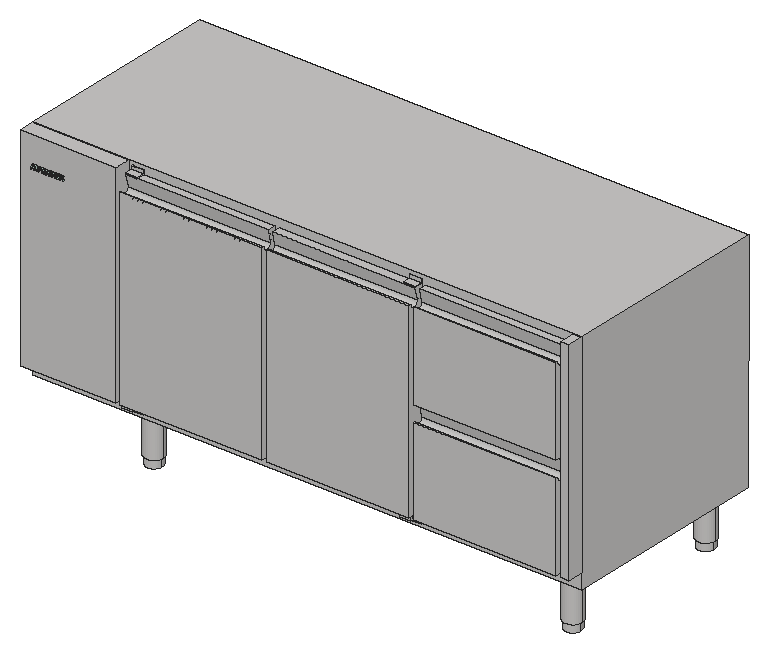
Revit family "QF_ALPENINOX_721049_AK3R7AAB", category Attrezzature speciali, Revit 2018
Family settings
  Quota connettore circolare = Usa diametro
  Tipo di parte = Normale
  Basato su piano di lavoro = No
  Sempre verticale = Sì
  Taglio con vuoti quando caricato = No
  Condiviso = No
  Punto di calcolo locali = No
Parameters (values of type "Standard")
  Weight = 112.00 kg
  Watts = 220 W
  Volts = 220 V
  URL Manufacturer = "http://www.alpeninox.com"
  URL = "http://www.alpeninox.com"
  Steam Supply Size = 0 mm
  Steam Supply Minimum Pressure = 0.0 Pa
  Steam Supply Maximum Pressure = 0.0 Pa
  Steam Consumption per Hour = 0
  Refrigeration Suction Line Size = 0 mm
  Refrigeration Liquid Line Size = 0 mm
  Refrigerant Compressor Remote = yes
  Produttore = "Alpeninox"
  Phase = 1
  Modello = "AK3R7AAB"
  Length Actual = 1695 mm  # constant formula
  Item Number = "721049"
  Hot Water Size = 0 mm
  Height Actual = 850 mm  # constant formula
  HP = "0.3 HP"
  Gas Size = 0 mm
  Gas KW = 0
  Gas Input Pressure = 0 W
  Direct Waste Size = 0 mm
  Descrizione = "2-DOOR AND 2X1/2-DRAWER REFRIGERATED COUNTER, -2+10°C, FULL AISI 304 (R290), WITHOUT WORK TOP"
  Depth Actual = 700 mm  # constant formula
  Cycle = 50 Hz
  Condensate Return Size = 0 mm
  Compressed Air Volume = 0.0 L/s
  Compressed Air Size = 0 mm
  Compressed Air Pressure = 0.0 Pa
  Cold Water Size = 0 mm
  Accessory = yes
Values of the unnamed type that differ from the named types
  Weight = 0.00 kg
  Watts = 0 W
  Volts = 0 V
  URL Manufacturer = ""
  Item Number = ""
  HP = ""
  Cycle = 0 Hz
Reference planes
  plane 1: z = 0
  plane 2 "Center (Left/Right)": x = -126.5
  plane 3 "Center (Front/Back)": y = 64.5
  plane 4 "FEET": z = 150
  plane 5 "TOP": z = 900
  plane 6 "PLAIN": z = 850
  plane 7 "EI_back": y = 103
  plane 8 "EI_left": x = -913
  plane 9 "BACK": y = 412
  plane 10 "FRONT": y = -283
  plane 11 "DOOR": y = -233
  plane 12 "LEFT": x = -974
  plane 13 "RIGHT": x = 721
  plane 14: x = -949
  plane 15: x = 696
Forms (mm)
  Extrusion 1, solid, material "QF_Finishes_Stainless Steel"
    sketch origin (-1022.223, -1524, 150) x (-1, 0, 0) y (0, -1, 0)
      loop
        circle (-109.223, -1627) r 5
    from 0 to -40
  Extrusion 2, solid, material "QF_Finishes_Stainless Steel"
    sketch origin (-1022.223, -1524, 150) x (-1, 0, 0) y (0, -1, 0)
      loop
        line (-1718.223, -1291) -> (-1718.223, -1241) -> (-1743.223, -1241) -> (-1743.223, -1291) -> (-1718.223, -1291)
    from 48 to 700
  Extrusion 3, solid, material "QF_Finishes_Stainless Steel"
    sketch origin (-1022.223, -1524, 150) x (-1, 0, 0) y (0, -1, 0)
      loop
        line (-48.223, -1936) -> (-48.223, -1291) -> (-1743.223, -1291) -> (-1743.223, -1936) -> (-48.223, -1936)
    from 0 to 700
Lines and regions (mm)
  symbolic lines, style "SpecialityEquipmentHiddenLines"
    curve 1: line (-974, 412, 150) -> (721, 412, 150)
    curve 2: line (-974, -283, 150) -> (-974, 412, 150)
    curve 3: line (721, -283, 150) -> (-974, -283, 150)
    curve 4: line (721, 412, 150) -> (721, -283, 150)
    curve 5: line (-974, -233, 150) -> (721, -233, 150)
    curve 6: line (696, -283, 150) -> (696, -233, 150)
Dimensions and locks
  plane 4 "FEET" to level = 150 mm
  plane 11 "DOOR" to plane 10 "FRONT" = 50 mm
  plane 6 "PLAIN" to plane 4 "FEET" = 700 mm
  plane 5 "TOP" to plane 6 "PLAIN" = 50 mm
  plane 12 "LEFT" to plane 14 = 25 mm
  plane 15 to plane 13 "RIGHT" = 25 mm
  plane 9 "BACK" to plane 7 "EI_back" = 309 mm
  plane 12 "LEFT" to plane 8 "EI_left" = 61 mm
  plane 12 "LEFT" to plane 13 "RIGHT" = 1695 mm
  equal spacing: plane 12 "LEFT", plane 2 "Center (Left/Right)", plane 13 "RIGHT"
  plane 9 "BACK" to plane 10 "FRONT" = 695 mm
  equal spacing: plane 9 "BACK", plane 3 "Center (Front/Back)", plane 10 "FRONT"
  aligned and locked: level to plane 1
  aligned and locked: plane 13 "RIGHT" to Extrusion 2
  aligned and locked: Extrusion 2 to plane 15
Automatic sketch dimensions
  Extrusion 1 sketch curve to plane 7 "EI_back" = 0 mm
  Extrusion 1 sketch curve to plane 8 "EI_left" = 0 mm
  Extrusion 2 sketch curve to plane 11 "DOOR" = 0 mm
  Extrusion 2 sketch curve to plane 13 "RIGHT" = 0 mm
  Extrusion 2 sketch curve to plane 10 "FRONT" = 0 mm
  Extrusion 2 sketch curve to plane 15 = 0 mm
  Extrusion 3 sketch curve to plane 9 "BACK" = 0 mm
  Extrusion 3 sketch curve to plane 13 "RIGHT" = 0 mm
  Extrusion 3 sketch curve to plane 11 "DOOR" = 0 mm
  Extrusion 3 sketch curve to plane 12 "LEFT" = 0 mm
  curve 1 to plane 13 "RIGHT" = 0 mm
  curve 6 to plane 10 "FRONT" = 0 mm
  curve 6 to plane 15 = 0 mm
  curve 5 to plane 12 "LEFT" = 0 mm
  curve 6 to plane 11 "DOOR" = 0 mm
  curve 1 to plane 9 "BACK" = 0 mm
  radius of Extrusion 1 sketch curve = 5 mm
Nested families
  nested 1: "HPC_Refrigerator" at (721, -283, 0), type "HPC_Refrigerator"
  nested 2: "HPC_FEET" at (-640, 331, 0), type "HPC_FEET"
  nested 3: "HPC_FEET" at (655, 331, 0), type "HPC_FEET"
  nested 4: "HPC_FEET" at (-640, -183, 0), type "HPC_FEET"
  nested 5: "HPC_FEET" at (655, -183, 0), type "HPC_FEET"
  nested 6: "HPC_APX_BI_TN_L" at (-767.08, -233, 598) x (1, 0, 0) z (0, -1, 0), type "HPC_APX_BI_TN_L"
    with Show Logo yes
  nested 7: "HPC_APX_SD_L" at (-446, -233, 512) x (1, 0, 0) z (0, -1, 0), type "HPC_APX_SD_L"
    with Show Clearance yes
  nested 8: "HPC_APX_SD_R" at (8, -233, 512) x (1, 0, 0) z (0, -1, 0), type "HPC_APX_SD_R"
    with Show Clearance yes
  nested 9: "HPC_APX_HALF" at (462, -233, 512) x (1, 0, 0) z (0, -1, 0), type "HPC_APX_HALF"
    with Show Clearance yes
Connectors
  electrical at (-913, 103, 110), driven by "Volts"
    settings: on Extrusion 1, index 1, voltage 220 V, apparent load 0 VA, apparent load phase1 0 VA, apparent load phase2 0 VA, apparent load phase3 0 VA, power factor 1, load classification "Other", number of poles 1, system type 31, power factor state 1, is connector primary yes, connector utility no, sub classification motor no, connector description "Electrical Connection"
Definition of nested family "HPC_FEET"
  Parameters
    FEET = 150 mm
  Reference planes
    plane 1 "Center (Front/Back)": y = 0
    plane 2: z = 0
    plane 3 "Center (Left/Right)": x = 0
    plane 4: z = 150
  Forms (mm)
    Revolve 1, solid
      sketch origin (255.05, 0, 608.09) x (0, 0, 1) y (-1, 0, 0)
        loop
          line (-608.09, 255.05) -> (-608.09, 230.05) -> (-583.09, 230.05) -> (-583.09, 226.05) -> (-458.09, 226.05) -> (-458.09, 255.05) -> (-608.09, 255.05)
        axis (-608.09, 255.05) -> (-458.09, 255.05)
      angle from 0 to 360
  Dimensions and locks
    locked: Revolve 1 sketch curve to Revolve 1 sketch curve at 125
    "FEET": plane 4 to plane 2
    aligned and locked: level to plane 2
    aligned and locked: plane 4 to Revolve 1 sketch curve
    aligned and locked: Revolve 1 sketch curve to level
    aligned and locked: plane 3 "Center (Left/Right)" to Revolve 1 sketch curve
  Automatic sketch dimensions
    Revolve 1 sketch curve to plane 3 "Center (Left/Right)" = 0 mm
    Revolve 1 sketch curve to Revolve 1 sketch curve = 25 mm
    Revolve 1 sketch curve to Revolve 1 sketch curve = 29 mm
    plane 4 to Revolve 1 sketch curve = 50 mm
    Revolve 1 sketch curve to Revolve 1 sketch curve = 20 mm
Definition of nested family "HPC_APX_BI_TN_L"
  Parameters
    Show Logo [instance] = yes
    Default Elevation = 1219.2 mm
  Reference planes
    plane 1 "Center (Front/Back)": y = -74
    plane 2: z = 0
    plane 3 "Center (Left/Right)": x = -59.92
    plane 4: x = -206.92
    plane 5: x = 87.08
    plane 6: y = 252
    plane 7: y = -400
  Forms (mm)
    Extrusion 1, solid
      sketch origin (0, 0, 0) x (1, 0, 0) y (0, 1, 0)
        loop
          line (-1219.2, 1219.2) -> (-1219.2, -1219.2) -> (1219.2, -1219.2) -> (1219.2, 1219.2) -> (-1219.2, 1219.2)
      from 0 to -304.8
    Extrusion 2, solid
      sketch origin (0, 0, 0) x (1, 0, 0) y (0, 1, 0)
        loop
          line (-206.92, 252) -> (-206.92, -400) -> (87.08, -400) -> (87.08, 252) -> (-206.92, 252)
      from 0 to 50
    Extrusion 3, solid
      sketch origin (0, 0, 0) x (1, 0, 0) y (0, 1, 0)
        loop
          line (-168.675, 170.349) -> (-172.411, 160.318)
          arc (-172.411, 160.318) -> (-171.624, 158.497) -> (-169.837, 159.36) r 1.374
          line (-169.837, 159.36) -> (-169.268, 161.111) -> (-164.1, 161.111) -> (-163.54, 159.379)
          arc (-163.54, 159.379) -> (-161.802, 158.542) -> (-161.049, 160.318) r 1.333
          line (-161.049, 160.318) -> (-164.694, 170.349)
          arc (-164.694, 170.349) -> (-166.685, 171.876) -> (-168.675, 170.349) r 2.06
        loop
          line (-166.681, 169.055) -> (-168.469, 163.655) -> (-164.935, 163.655) -> (-166.681, 169.055)
        loop
          arc (-159.705, 160.042) -> (-159.262, 158.973) -> (-158.194, 158.531) r 1.512
          line (-158.194, 158.531) -> (-153.608, 158.531)
          arc (-153.608, 158.531) -> (-152.337, 159.802) -> (-153.608, 161.074) r 1.272
          line (-153.608, 161.074) -> (-156.917, 161.074) -> (-156.917, 170.328)
          arc (-156.917, 170.328) -> (-158.311, 171.722) -> (-159.705, 170.328) r 1.394
          line (-159.705, 170.328) -> (-159.705, 160.042)
        loop
          line (-151.076, 170.218) -> (-151.076, 159.859)
          arc (-151.076, 159.859) -> (-149.683, 158.466) -> (-148.29, 159.859) r 1.393
          line (-148.29, 159.859) -> (-148.29, 162.882) -> (-146.225, 162.882)
          arc (-146.225, 162.882) -> (-142.999, 163.859) -> (-141.608, 166.928) r 4.082
          arc (-141.608, 166.928) -> (-142.993, 170.272) -> (-146.336, 171.657) r 4.728
          line (-146.336, 171.657) -> (-149.638, 171.657)
          arc (-149.638, 171.657) -> (-150.655, 171.235) -> (-151.076, 170.218) r 1.439
        loop
          line (-148.29, 165.313) -> (-146.388, 165.313)
          arc (-146.388, 165.313) -> (-144.433, 167.268) -> (-146.388, 169.222) r 1.955
          line (-146.388, 169.222) -> (-148.29, 169.222) -> (-148.29, 165.313)
        loop
          arc (-131.184, 166.332) -> (-132.004, 168.2) -> (-133.767, 169.228) r 3.3
          arc (-133.767, 169.228) -> (-136.353, 168.661) -> (-137.611, 166.332) r 3.176
          line (-137.611, 166.332) -> (-131.184, 166.332)
        loop
          line (-137.538, 163.743) -> (-130.544, 163.743)
          arc (-130.544, 163.743) -> (-129.292, 163.916) -> (-128.301, 164.701) r 2.4
          arc (-128.301, 164.701) -> (-128.155, 165.545) -> (-128.212, 166.399) r 3.635
          arc (-128.212, 166.399) -> (-130.364, 170.162) -> (-134.39, 171.769) r 6.579
          arc (-134.39, 171.769) -> (-138.918, 169.706) -> (-140.661, 165.044) r 6.501
          arc (-140.661, 165.044) -> (-139.276, 160.789) -> (-135.401, 158.549) r 6.252
          arc (-135.401, 158.549) -> (-132.922, 158.526) -> (-130.544, 159.232) r 8.361
          arc (-130.544, 159.232) -> (-129.466, 159.781) -> (-128.641, 160.666) r 3.486
          arc (-128.641, 160.666) -> (-128.419, 161.592) -> (-128.828, 162.451) r 1.425
          arc (-128.828, 162.451) -> (-129.368, 162.762) -> (-129.99, 162.762) r 1.203
          arc (-129.99, 162.762) -> (-130.406, 162.59) -> (-130.764, 162.316) r 1.724
          arc (-130.764, 162.316) -> (-131.666, 161.705) -> (-132.646, 161.229) r 7.6
          arc (-132.646, 161.229) -> (-135.676, 161.35) -> (-137.538, 163.743) r 3.6
        loop
          line (-126.669, 170.328) -> (-126.669, 159.859)
          arc (-126.669, 159.859) -> (-125.273, 158.463) -> (-123.878, 159.859) r 1.396
          line (-123.878, 159.859) -> (-123.878, 166.785) -> (-117.946, 159.029)
          arc (-117.946, 159.029) -> (-116.361, 158.51) -> (-115.379, 159.859) r 1.417
          line (-115.379, 159.859) -> (-115.379, 170.328)
          arc (-115.379, 170.328) -> (-116.774, 171.723) -> (-118.169, 170.328) r 1.395
          line (-118.169, 170.328) -> (-118.169, 163.311) -> (-124.101, 171.157)
          arc (-124.101, 171.157) -> (-125.687, 171.678) -> (-126.669, 170.328) r 1.418
        loop
          arc (-113.636, 159.859) -> (-112.241, 158.464) -> (-110.847, 159.859) r 1.394
          line (-110.847, 159.859) -> (-110.847, 170.328)
          arc (-110.847, 170.328) -> (-112.241, 171.723) -> (-113.636, 170.328) r 1.394
          line (-113.636, 170.328) -> (-113.636, 159.859)
        loop
          line (-109.102, 170.328) -> (-109.102, 159.859)
          arc (-109.102, 159.859) -> (-107.706, 158.463) -> (-106.31, 159.859) r 1.396
          line (-106.31, 159.859) -> (-106.31, 166.785) -> (-100.378, 159.029)
          arc (-100.378, 159.029) -> (-98.793, 158.51) -> (-97.812, 159.859) r 1.417
          line (-97.812, 159.859) -> (-97.812, 170.328)
          arc (-97.812, 170.328) -> (-99.207, 171.723) -> (-100.602, 170.328) r 1.395
          line (-100.602, 170.328) -> (-100.602, 163.311) -> (-106.533, 171.157)
          arc (-106.533, 171.157) -> (-108.119, 171.678) -> (-109.102, 170.328) r 1.418
        loop
          arc (-96.345, 165.093) -> (-95.619, 161.877) -> (-93.467, 159.379) r 6.806
          arc (-93.467, 159.379) -> (-91.792, 158.566) -> (-89.948, 158.31) r 5.956
          arc (-89.948, 158.31) -> (-88.104, 158.566) -> (-86.43, 159.379) r 5.956
          arc (-86.43, 159.379) -> (-84.277, 161.877) -> (-83.551, 165.093) r 6.806
          arc (-83.551, 165.093) -> (-84.277, 168.31) -> (-86.43, 170.808) r 6.806
          arc (-86.43, 170.808) -> (-88.104, 171.621) -> (-89.948, 171.877) r 5.956
          arc (-89.948, 171.877) -> (-91.792, 171.621) -> (-93.467, 170.808) r 5.956
          arc (-93.467, 170.808) -> (-95.619, 168.31) -> (-96.345, 165.093) r 6.806
        loop
          arc (-93.425, 165.093) -> (-93.138, 163.212) -> (-92.081, 161.629) r 4.387
          arc (-92.081, 161.629) -> (-91.087, 161.049) -> (-89.948, 160.881) r 3.035
          arc (-89.948, 160.881) -> (-88.809, 161.049) -> (-87.815, 161.629) r 3.035
          arc (-87.815, 161.629) -> (-86.759, 163.212) -> (-86.472, 165.093) r 4.387
          arc (-86.472, 165.093) -> (-86.759, 166.975) -> (-87.815, 168.558) r 4.387
          arc (-87.815, 168.558) -> (-88.809, 169.138) -> (-89.948, 169.306) r 3.035
          arc (-89.948, 169.306) -> (-91.087, 169.138) -> (-92.081, 168.558) r 3.035
          arc (-92.081, 168.558) -> (-93.138, 166.975) -> (-93.425, 165.093) r 4.387
        loop
          line (-83.139, 169.609) -> (-80.126, 165.552) -> (-83.81, 160.652)
          arc (-83.81, 160.652) -> (-83.512, 158.692) -> (-81.559, 159.029) r 1.388
          line (-81.559, 159.029) -> (-78.51, 163.232) -> (-75.461, 159.029)
          arc (-75.461, 159.029) -> (-73.507, 158.692) -> (-73.21, 160.652) r 1.388
          line (-73.21, 160.652) -> (-76.894, 165.552) -> (-73.881, 169.609)
          arc (-73.881, 169.609) -> (-74.249, 171.597) -> (-76.205, 171.084) r 1.38
          line (-76.205, 171.084) -> (-78.51, 167.841) -> (-80.815, 171.084)
          arc (-80.815, 171.084) -> (-82.771, 171.597) -> (-83.139, 169.609) r 1.38
      from 50 to 51.6
  Lines and regions (mm)
    Split face 1
      outline origin (0, 0, 50) x (1, 0, 0) y (0, 1, 0)
        loop
          line (87.08, 183) -> (-172.92, 183)
          arc (-172.92, 183) -> (-190.42, 165.5) -> (-172.92, 148) r 17.5
          line (-172.92, 148) -> (87.08, 148)
    Split face 2
      outline origin (-38, 0, 50) x (1, 0, 0) y (0, 1, 0)
        loop
          line (-5.42, 177) -> (-5.42, 154) -> (64.58, 154) -> (64.58, 177) -> (-5.42, 177)
    Split face 3
      outline origin (-38, 0, 50) x (1, 0, 0) y (0, 1, 0)
        loop
          line (44.58, 174) -> (44.58, 157) -> (61.58, 157) -> (61.58, 174) -> (44.58, 174)
    Split face 4
      outline origin (0, 0, 50) x (1, 0, 0) y (0, 1, 0)
        loop
          line (-206.92, 188) -> (87.08, 188)
    Split face 5
      outline origin (0, 0, 50) x (1, 0, 0) y (0, 1, 0)
        loop
          arc (-163.464, 131.824) -> (-167.464, 127.824) -> (-163.464, 123.824) r 4
          line (-163.464, 123.824) -> (-121.464, 123.824)
          arc (-121.464, 123.824) -> (-117.464, 127.824) -> (-121.464, 131.824) r 4
          line (-121.464, 131.824) -> (-163.464, 131.824)
    Split face 6
      outline origin (330, 0, 50) x (1, 0, 0) y (0, 1, 0)
        loop
          arc (-328.464, 131.824) -> (-332.464, 127.824) -> (-328.464, 123.824) r 4
          line (-328.464, 123.824) -> (-286.464, 123.824)
          arc (-286.464, 123.824) -> (-282.464, 127.824) -> (-286.464, 131.824) r 4
          line (-286.464, 131.824) -> (-328.464, 131.824)
    Split face 7
      outline origin (110, 0, 50) x (1, 0, 0) y (0, 1, 0)
        loop
          arc (-218.464, 131.824) -> (-222.464, 127.824) -> (-218.464, 123.824) r 4
          line (-218.464, 123.824) -> (-176.464, 123.824)
          arc (-176.464, 123.824) -> (-172.464, 127.824) -> (-176.464, 131.824) r 4
          line (-176.464, 131.824) -> (-218.464, 131.824)
    Split face 8
      outline origin (220, 0, 50) x (1, 0, 0) y (0, 1, 0)
        loop
          arc (-273.464, 131.824) -> (-277.464, 127.824) -> (-273.464, 123.824) r 4
          line (-273.464, 123.824) -> (-231.464, 123.824)
          arc (-231.464, 123.824) -> (-227.464, 127.824) -> (-231.464, 131.824) r 4
          line (-231.464, 131.824) -> (-273.464, 131.824)
    Split face 9
      outline origin (0, -24, 50) x (1, 0, 0) y (0, 1, 0)
        loop
          arc (-163.464, 143.824) -> (-167.464, 139.824) -> (-163.464, 135.824) r 4
          line (-163.464, 135.824) -> (-121.464, 135.824)
          arc (-121.464, 135.824) -> (-117.464, 139.824) -> (-121.464, 143.824) r 4
          line (-121.464, 143.824) -> (-163.464, 143.824)
    Split face 10
      outline origin (330, -24, 50) x (1, 0, 0) y (0, 1, 0)
        loop
          arc (-328.464, 143.824) -> (-332.464, 139.824) -> (-328.464, 135.824) r 4
          line (-328.464, 135.824) -> (-286.464, 135.824)
          arc (-286.464, 135.824) -> (-282.464, 139.824) -> (-286.464, 143.824) r 4
          line (-286.464, 143.824) -> (-328.464, 143.824)
    Split face 11
      outline origin (110, -24, 50) x (1, 0, 0) y (0, 1, 0)
        loop
          arc (-218.464, 143.824) -> (-222.464, 139.824) -> (-218.464, 135.824) r 4
          line (-218.464, 135.824) -> (-176.464, 135.824)
          arc (-176.464, 135.824) -> (-172.464, 139.824) -> (-176.464, 143.824) r 4
          line (-176.464, 143.824) -> (-218.464, 143.824)
    Split face 12
      outline origin (220, -24, 50) x (1, 0, 0) y (0, 1, 0)
        loop
          arc (-273.464, 143.824) -> (-277.464, 139.824) -> (-273.464, 135.824) r 4
          line (-273.464, 135.824) -> (-231.464, 135.824)
          arc (-231.464, 135.824) -> (-227.464, 139.824) -> (-231.464, 143.824) r 4
          line (-231.464, 143.824) -> (-273.464, 143.824)
    Split face 13
      outline origin (0, -48, 50) x (1, 0, 0) y (0, 1, 0)
        loop
          arc (-163.464, 155.824) -> (-167.464, 151.824) -> (-163.464, 147.824) r 4
          line (-163.464, 147.824) -> (-121.464, 147.824)
          arc (-121.464, 147.824) -> (-117.464, 151.824) -> (-121.464, 155.824) r 4
          line (-121.464, 155.824) -> (-163.464, 155.824)
    Split face 14
      outline origin (330, -48, 50) x (1, 0, 0) y (0, 1, 0)
        loop
          arc (-328.464, 155.824) -> (-332.464, 151.824) -> (-328.464, 147.824) r 4
          line (-328.464, 147.824) -> (-286.464, 147.824)
          arc (-286.464, 147.824) -> (-282.464, 151.824) -> (-286.464, 155.824) r 4
          line (-286.464, 155.824) -> (-328.464, 155.824)
    Split face 15
      outline origin (110, -48, 50) x (1, 0, 0) y (0, 1, 0)
        loop
          arc (-218.464, 155.824) -> (-222.464, 151.824) -> (-218.464, 147.824) r 4
          line (-218.464, 147.824) -> (-176.464, 147.824)
          arc (-176.464, 147.824) -> (-172.464, 151.824) -> (-176.464, 155.824) r 4
          line (-176.464, 155.824) -> (-218.464, 155.824)
    Split face 16
      outline origin (220, -48, 50) x (1, 0, 0) y (0, 1, 0)
        loop
          arc (-273.464, 155.824) -> (-277.464, 151.824) -> (-273.464, 147.824) r 4
          line (-273.464, 147.824) -> (-231.464, 147.824)
          arc (-231.464, 147.824) -> (-227.464, 151.824) -> (-231.464, 155.824) r 4
          line (-231.464, 155.824) -> (-273.464, 155.824)
    Split face 17
      outline origin (0, -72, 50) x (1, 0, 0) y (0, 1, 0)
        loop
          arc (-163.464, 167.824) -> (-167.464, 163.824) -> (-163.464, 159.824) r 4
          line (-163.464, 159.824) -> (-121.464, 159.824)
          arc (-121.464, 159.824) -> (-117.464, 163.824) -> (-121.464, 167.824) r 4
          line (-121.464, 167.824) -> (-163.464, 167.824)
    Split face 18
      outline origin (330, -72, 50) x (1, 0, 0) y (0, 1, 0)
        loop
          arc (-328.464, 167.824) -> (-332.464, 163.824) -> (-328.464, 159.824) r 4
          line (-328.464, 159.824) -> (-286.464, 159.824)
          arc (-286.464, 159.824) -> (-282.464, 163.824) -> (-286.464, 167.824) r 4
          line (-286.464, 167.824) -> (-328.464, 167.824)
    Split face 19
      outline origin (110, -72, 50) x (1, 0, 0) y (0, 1, 0)
        loop
          arc (-218.464, 167.824) -> (-222.464, 163.824) -> (-218.464, 159.824) r 4
          line (-218.464, 159.824) -> (-176.464, 159.824)
          arc (-176.464, 159.824) -> (-172.464, 163.824) -> (-176.464, 167.824) r 4
          line (-176.464, 167.824) -> (-218.464, 167.824)
    Split face 20
      outline origin (220, -72, 50) x (1, 0, 0) y (0, 1, 0)
        loop
          arc (-273.464, 167.824) -> (-277.464, 163.824) -> (-273.464, 159.824) r 4
          line (-273.464, 159.824) -> (-231.464, 159.824)
          arc (-231.464, 159.824) -> (-227.464, 163.824) -> (-231.464, 167.824) r 4
          line (-231.464, 167.824) -> (-273.464, 167.824)
    Split face 21
      outline origin (0, -96, 50) x (1, 0, 0) y (0, 1, 0)
        loop
          arc (-163.464, 179.824) -> (-167.464, 175.824) -> (-163.464, 171.824) r 4
          line (-163.464, 171.824) -> (-121.464, 171.824)
          arc (-121.464, 171.824) -> (-117.464, 175.824) -> (-121.464, 179.824) r 4
          line (-121.464, 179.824) -> (-163.464, 179.824)
    Split face 22
      outline origin (330, -96, 50) x (1, 0, 0) y (0, 1, 0)
        loop
          arc (-328.464, 179.824) -> (-332.464, 175.824) -> (-328.464, 171.824) r 4
          line (-328.464, 171.824) -> (-286.464, 171.824)
          arc (-286.464, 171.824) -> (-282.464, 175.824) -> (-286.464, 179.824) r 4
          line (-286.464, 179.824) -> (-328.464, 179.824)
    Split face 23
      outline origin (110, -96, 50) x (1, 0, 0) y (0, 1, 0)
        loop
          arc (-218.464, 179.824) -> (-222.464, 175.824) -> (-218.464, 171.824) r 4
          line (-218.464, 171.824) -> (-176.464, 171.824)
          arc (-176.464, 171.824) -> (-172.464, 175.824) -> (-176.464, 179.824) r 4
          line (-176.464, 179.824) -> (-218.464, 179.824)
    Split face 24
      outline origin (220, -96, 50) x (1, 0, 0) y (0, 1, 0)
        loop
          arc (-273.464, 179.824) -> (-277.464, 175.824) -> (-273.464, 171.824) r 4
          line (-273.464, 171.824) -> (-231.464, 171.824)
          arc (-231.464, 171.824) -> (-227.464, 175.824) -> (-231.464, 179.824) r 4
          line (-231.464, 179.824) -> (-273.464, 179.824)
    Split face 25
      outline origin (0, -120, 50) x (1, 0, 0) y (0, 1, 0)
        loop
          arc (-163.464, 191.824) -> (-167.464, 187.824) -> (-163.464, 183.824) r 4
          line (-163.464, 183.824) -> (-121.464, 183.824)
          arc (-121.464, 183.824) -> (-117.464, 187.824) -> (-121.464, 191.824) r 4
          line (-121.464, 191.824) -> (-163.464, 191.824)
    Split face 26
      outline origin (330, -120, 50) x (1, 0, 0) y (0, 1, 0)
        loop
          arc (-328.464, 191.824) -> (-332.464, 187.824) -> (-328.464, 183.824) r 4
          line (-328.464, 183.824) -> (-286.464, 183.824)
          arc (-286.464, 183.824) -> (-282.464, 187.824) -> (-286.464, 191.824) r 4
          line (-286.464, 191.824) -> (-328.464, 191.824)
    Split face 27
      outline origin (110, -120, 50) x (1, 0, 0) y (0, 1, 0)
        loop
          arc (-218.464, 191.824) -> (-222.464, 187.824) -> (-218.464, 183.824) r 4
          line (-218.464, 183.824) -> (-176.464, 183.824)
          arc (-176.464, 183.824) -> (-172.464, 187.824) -> (-176.464, 191.824) r 4
          line (-176.464, 191.824) -> (-218.464, 191.824)
    Split face 28
      outline origin (220, -120, 50) x (1, 0, 0) y (0, 1, 0)
        loop
          arc (-273.464, 191.824) -> (-277.464, 187.824) -> (-273.464, 183.824) r 4
          line (-273.464, 183.824) -> (-231.464, 183.824)
          arc (-231.464, 183.824) -> (-227.464, 187.824) -> (-231.464, 191.824) r 4
          line (-231.464, 191.824) -> (-273.464, 191.824)
    Split face 29
      outline origin (0, -144, 50) x (1, 0, 0) y (0, 1, 0)
        loop
          arc (-163.464, 203.824) -> (-167.464, 199.824) -> (-163.464, 195.824) r 4
          line (-163.464, 195.824) -> (-121.464, 195.824)
          arc (-121.464, 195.824) -> (-117.464, 199.824) -> (-121.464, 203.824) r 4
          line (-121.464, 203.824) -> (-163.464, 203.824)
    Split face 30
      outline origin (330, -144, 50) x (1, 0, 0) y (0, 1, 0)
        loop
          arc (-328.464, 203.824) -> (-332.464, 199.824) -> (-328.464, 195.824) r 4
          line (-328.464, 195.824) -> (-286.464, 195.824)
          arc (-286.464, 195.824) -> (-282.464, 199.824) -> (-286.464, 203.824) r 4
          line (-286.464, 203.824) -> (-328.464, 203.824)
    Split face 31
      outline origin (110, -144, 50) x (1, 0, 0) y (0, 1, 0)
        loop
          arc (-218.464, 203.824) -> (-222.464, 199.824) -> (-218.464, 195.824) r 4
          line (-218.464, 195.824) -> (-176.464, 195.824)
          arc (-176.464, 195.824) -> (-172.464, 199.824) -> (-176.464, 203.824) r 4
          line (-176.464, 203.824) -> (-218.464, 203.824)
    Split face 32
      outline origin (220, -144, 50) x (1, 0, 0) y (0, 1, 0)
        loop
          arc (-273.464, 203.824) -> (-277.464, 199.824) -> (-273.464, 195.824) r 4
          line (-273.464, 195.824) -> (-231.464, 195.824)
          arc (-231.464, 195.824) -> (-227.464, 199.824) -> (-231.464, 203.824) r 4
          line (-231.464, 203.824) -> (-273.464, 203.824)
    Split face 33
      outline origin (0, -168, 50) x (1, 0, 0) y (0, 1, 0)
        loop
          arc (-163.464, 215.824) -> (-167.464, 211.824) -> (-163.464, 207.824) r 4
          line (-163.464, 207.824) -> (-121.464, 207.824)
          arc (-121.464, 207.824) -> (-117.464, 211.824) -> (-121.464, 215.824) r 4
          line (-121.464, 215.824) -> (-163.464, 215.824)
    Split face 34
      outline origin (330, -168, 50) x (1, 0, 0) y (0, 1, 0)
        loop
          arc (-328.464, 215.824) -> (-332.464, 211.824) -> (-328.464, 207.824) r 4
          line (-328.464, 207.824) -> (-286.464, 207.824)
          arc (-286.464, 207.824) -> (-282.464, 211.824) -> (-286.464, 215.824) r 4
          line (-286.464, 215.824) -> (-328.464, 215.824)
    Split face 35
      outline origin (110, -168, 50) x (1, 0, 0) y (0, 1, 0)
        loop
          arc (-218.464, 215.824) -> (-222.464, 211.824) -> (-218.464, 207.824) r 4
          line (-218.464, 207.824) -> (-176.464, 207.824)
          arc (-176.464, 207.824) -> (-172.464, 211.824) -> (-176.464, 215.824) r 4
          line (-176.464, 215.824) -> (-218.464, 215.824)
    Split face 36
      outline origin (220, -168, 50) x (1, 0, 0) y (0, 1, 0)
        loop
          arc (-273.464, 215.824) -> (-277.464, 211.824) -> (-273.464, 207.824) r 4
          line (-273.464, 207.824) -> (-231.464, 207.824)
          arc (-231.464, 207.824) -> (-227.464, 211.824) -> (-231.464, 215.824) r 4
          line (-231.464, 215.824) -> (-273.464, 215.824)
    Split face 37
      outline origin (0, -192, 50) x (1, 0, 0) y (0, 1, 0)
        loop
          arc (-163.464, 227.824) -> (-167.464, 223.824) -> (-163.464, 219.824) r 4
          line (-163.464, 219.824) -> (-121.464, 219.824)
          arc (-121.464, 219.824) -> (-117.464, 223.824) -> (-121.464, 227.824) r 4
          line (-121.464, 227.824) -> (-163.464, 227.824)
    Split face 38
      outline origin (330, -192, 50) x (1, 0, 0) y (0, 1, 0)
        loop
          arc (-328.464, 227.824) -> (-332.464, 223.824) -> (-328.464, 219.824) r 4
          line (-328.464, 219.824) -> (-286.464, 219.824)
          arc (-286.464, 219.824) -> (-282.464, 223.824) -> (-286.464, 227.824) r 4
          line (-286.464, 227.824) -> (-328.464, 227.824)
    Split face 39
      outline origin (110, -192, 50) x (1, 0, 0) y (0, 1, 0)
        loop
          arc (-218.464, 227.824) -> (-222.464, 223.824) -> (-218.464, 219.824) r 4
          line (-218.464, 219.824) -> (-176.464, 219.824)
          arc (-176.464, 219.824) -> (-172.464, 223.824) -> (-176.464, 227.824) r 4
          line (-176.464, 227.824) -> (-218.464, 227.824)
    Split face 40
      outline origin (220, -192, 50) x (1, 0, 0) y (0, 1, 0)
        loop
          arc (-273.464, 227.824) -> (-277.464, 223.824) -> (-273.464, 219.824) r 4
          line (-273.464, 219.824) -> (-231.464, 219.824)
          arc (-231.464, 219.824) -> (-227.464, 223.824) -> (-231.464, 227.824) r 4
          line (-231.464, 227.824) -> (-273.464, 227.824)
    Split face 41
      outline origin (0, -216, 50) x (1, 0, 0) y (0, 1, 0)
        loop
          arc (-163.464, 239.824) -> (-167.464, 235.824) -> (-163.464, 231.824) r 4
          line (-163.464, 231.824) -> (-121.464, 231.824)
          arc (-121.464, 231.824) -> (-117.464, 235.824) -> (-121.464, 239.824) r 4
          line (-121.464, 239.824) -> (-163.464, 239.824)
    Split face 42
      outline origin (330, -216, 50) x (1, 0, 0) y (0, 1, 0)
        loop
          arc (-328.464, 239.824) -> (-332.464, 235.824) -> (-328.464, 231.824) r 4
          line (-328.464, 231.824) -> (-286.464, 231.824)
          arc (-286.464, 231.824) -> (-282.464, 235.824) -> (-286.464, 239.824) r 4
          line (-286.464, 239.824) -> (-328.464, 239.824)
    Split face 43
      outline origin (110, -216, 50) x (1, 0, 0) y (0, 1, 0)
        loop
          arc (-218.464, 239.824) -> (-222.464, 235.824) -> (-218.464, 231.824) r 4
          line (-218.464, 231.824) -> (-176.464, 231.824)
          arc (-176.464, 231.824) -> (-172.464, 235.824) -> (-176.464, 239.824) r 4
          line (-176.464, 239.824) -> (-218.464, 239.824)
    Split face 44
      outline origin (220, -216, 50) x (1, 0, 0) y (0, 1, 0)
        loop
          arc (-273.464, 239.824) -> (-277.464, 235.824) -> (-273.464, 231.824) r 4
          line (-273.464, 231.824) -> (-231.464, 231.824)
          arc (-231.464, 231.824) -> (-227.464, 235.824) -> (-231.464, 239.824) r 4
          line (-231.464, 239.824) -> (-273.464, 239.824)
    Split face 45
      outline origin (0, -240, 50) x (1, 0, 0) y (0, 1, 0)
        loop
          arc (-163.464, 251.824) -> (-167.464, 247.824) -> (-163.464, 243.824) r 4
          line (-163.464, 243.824) -> (-121.464, 243.824)
          arc (-121.464, 243.824) -> (-117.464, 247.824) -> (-121.464, 251.824) r 4
          line (-121.464, 251.824) -> (-163.464, 251.824)
    Split face 46
      outline origin (330, -240, 50) x (1, 0, 0) y (0, 1, 0)
        loop
          arc (-328.464, 251.824) -> (-332.464, 247.824) -> (-328.464, 243.824) r 4
          line (-328.464, 243.824) -> (-286.464, 243.824)
          arc (-286.464, 243.824) -> (-282.464, 247.824) -> (-286.464, 251.824) r 4
          line (-286.464, 251.824) -> (-328.464, 251.824)
    Split face 47
      outline origin (110, -240, 50) x (1, 0, 0) y (0, 1, 0)
        loop
          arc (-218.464, 251.824) -> (-222.464, 247.824) -> (-218.464, 243.824) r 4
          line (-218.464, 243.824) -> (-176.464, 243.824)
          arc (-176.464, 243.824) -> (-172.464, 247.824) -> (-176.464, 251.824) r 4
          line (-176.464, 251.824) -> (-218.464, 251.824)
    Split face 48
      outline origin (220, -240, 50) x (1, 0, 0) y (0, 1, 0)
        loop
          arc (-273.464, 251.824) -> (-277.464, 247.824) -> (-273.464, 243.824) r 4
          line (-273.464, 243.824) -> (-231.464, 243.824)
          arc (-231.464, 243.824) -> (-227.464, 247.824) -> (-231.464, 251.824) r 4
          line (-231.464, 251.824) -> (-273.464, 251.824)
    Split face 49
      outline origin (0, -264, 50) x (1, 0, 0) y (0, 1, 0)
        loop
          arc (-163.464, 263.824) -> (-167.464, 259.824) -> (-163.464, 255.824) r 4
          line (-163.464, 255.824) -> (-121.464, 255.824)
          arc (-121.464, 255.824) -> (-117.464, 259.824) -> (-121.464, 263.824) r 4
          line (-121.464, 263.824) -> (-163.464, 263.824)
    Split face 50
      outline origin (330, -264, 50) x (1, 0, 0) y (0, 1, 0)
        loop
          arc (-328.464, 263.824) -> (-332.464, 259.824) -> (-328.464, 255.824) r 4
          line (-328.464, 255.824) -> (-286.464, 255.824)
          arc (-286.464, 255.824) -> (-282.464, 259.824) -> (-286.464, 263.824) r 4
          line (-286.464, 263.824) -> (-328.464, 263.824)
    Split face 51
      outline origin (110, -264, 50) x (1, 0, 0) y (0, 1, 0)
        loop
          arc (-218.464, 263.824) -> (-222.464, 259.824) -> (-218.464, 255.824) r 4
          line (-218.464, 255.824) -> (-176.464, 255.824)
          arc (-176.464, 255.824) -> (-172.464, 259.824) -> (-176.464, 263.824) r 4
          line (-176.464, 263.824) -> (-218.464, 263.824)
    Split face 52
      outline origin (220, -264, 50) x (1, 0, 0) y (0, 1, 0)
        loop
          arc (-273.464, 263.824) -> (-277.464, 259.824) -> (-273.464, 255.824) r 4
          line (-273.464, 255.824) -> (-231.464, 255.824)
          arc (-231.464, 255.824) -> (-227.464, 259.824) -> (-231.464, 263.824) r 4
          line (-231.464, 263.824) -> (-273.464, 263.824)
    Split face 53
      outline origin (0, -288, 50) x (1, 0, 0) y (0, 1, 0)
        loop
          arc (-163.464, 275.824) -> (-167.464, 271.824) -> (-163.464, 267.824) r 4
          line (-163.464, 267.824) -> (-121.464, 267.824)
          arc (-121.464, 267.824) -> (-117.464, 271.824) -> (-121.464, 275.824) r 4
          line (-121.464, 275.824) -> (-163.464, 275.824)
    Split face 54
      outline origin (330, -288, 50) x (1, 0, 0) y (0, 1, 0)
        loop
          arc (-328.464, 275.824) -> (-332.464, 271.824) -> (-328.464, 267.824) r 4
          line (-328.464, 267.824) -> (-286.464, 267.824)
          arc (-286.464, 267.824) -> (-282.464, 271.824) -> (-286.464, 275.824) r 4
          line (-286.464, 275.824) -> (-328.464, 275.824)
    Split face 55
      outline origin (110, -288, 50) x (1, 0, 0) y (0, 1, 0)
        loop
          arc (-218.464, 275.824) -> (-222.464, 271.824) -> (-218.464, 267.824) r 4
          line (-218.464, 267.824) -> (-176.464, 267.824)
          arc (-176.464, 267.824) -> (-172.464, 271.824) -> (-176.464, 275.824) r 4
          line (-176.464, 275.824) -> (-218.464, 275.824)
    Split face 56
      outline origin (220, -288, 50) x (1, 0, 0) y (0, 1, 0)
        loop
          arc (-273.464, 275.824) -> (-277.464, 271.824) -> (-273.464, 267.824) r 4
          line (-273.464, 267.824) -> (-231.464, 267.824)
          arc (-231.464, 267.824) -> (-227.464, 271.824) -> (-231.464, 275.824) r 4
          line (-231.464, 275.824) -> (-273.464, 275.824)
    Split face 57
      outline origin (0, -312, 50) x (1, 0, 0) y (0, 1, 0)
        loop
          arc (-163.464, 287.824) -> (-167.464, 283.824) -> (-163.464, 279.824) r 4
          line (-163.464, 279.824) -> (-121.464, 279.824)
          arc (-121.464, 279.824) -> (-117.464, 283.824) -> (-121.464, 287.824) r 4
          line (-121.464, 287.824) -> (-163.464, 287.824)
    Split face 58
      outline origin (330, -312, 50) x (1, 0, 0) y (0, 1, 0)
        loop
          arc (-328.464, 287.824) -> (-332.464, 283.824) -> (-328.464, 279.824) r 4
          line (-328.464, 279.824) -> (-286.464, 279.824)
          arc (-286.464, 279.824) -> (-282.464, 283.824) -> (-286.464, 287.824) r 4
          line (-286.464, 287.824) -> (-328.464, 287.824)
    Split face 59
      outline origin (110, -312, 50) x (1, 0, 0) y (0, 1, 0)
        loop
          arc (-218.464, 287.824) -> (-222.464, 283.824) -> (-218.464, 279.824) r 4
          line (-218.464, 279.824) -> (-176.464, 279.824)
          arc (-176.464, 279.824) -> (-172.464, 283.824) -> (-176.464, 287.824) r 4
          line (-176.464, 287.824) -> (-218.464, 287.824)
    Split face 60
      outline origin (220, -312, 50) x (1, 0, 0) y (0, 1, 0)
        loop
          arc (-273.464, 287.824) -> (-277.464, 283.824) -> (-273.464, 279.824) r 4
          line (-273.464, 279.824) -> (-231.464, 279.824)
          arc (-231.464, 279.824) -> (-227.464, 283.824) -> (-231.464, 287.824) r 4
          line (-231.464, 287.824) -> (-273.464, 287.824)
    Split face 61
      outline origin (0, -336, 50) x (1, 0, 0) y (0, 1, 0)
        loop
          arc (-163.464, 299.824) -> (-167.464, 295.824) -> (-163.464, 291.824) r 4
          line (-163.464, 291.824) -> (-121.464, 291.824)
          arc (-121.464, 291.824) -> (-117.464, 295.824) -> (-121.464, 299.824) r 4
          line (-121.464, 299.824) -> (-163.464, 299.824)
    Split face 62
      outline origin (330, -336, 50) x (1, 0, 0) y (0, 1, 0)
        loop
          arc (-328.464, 299.824) -> (-332.464, 295.824) -> (-328.464, 291.824) r 4
          line (-328.464, 291.824) -> (-286.464, 291.824)
          arc (-286.464, 291.824) -> (-282.464, 295.824) -> (-286.464, 299.824) r 4
          line (-286.464, 299.824) -> (-328.464, 299.824)
    Split face 63
      outline origin (110, -336, 50) x (1, 0, 0) y (0, 1, 0)
        loop
          arc (-218.464, 299.824) -> (-222.464, 295.824) -> (-218.464, 291.824) r 4
          line (-218.464, 291.824) -> (-176.464, 291.824)
          arc (-176.464, 291.824) -> (-172.464, 295.824) -> (-176.464, 299.824) r 4
          line (-176.464, 299.824) -> (-218.464, 299.824)
    Split face 64
      outline origin (220, -336, 50) x (1, 0, 0) y (0, 1, 0)
        loop
          arc (-273.464, 299.824) -> (-277.464, 295.824) -> (-273.464, 291.824) r 4
          line (-273.464, 291.824) -> (-231.464, 291.824)
          arc (-231.464, 291.824) -> (-227.464, 295.824) -> (-231.464, 299.824) r 4
          line (-231.464, 299.824) -> (-273.464, 299.824)
    Split face 65
      outline origin (0, -360, 50) x (1, 0, 0) y (0, 1, 0)
        loop
          arc (-163.464, 311.824) -> (-167.464, 307.824) -> (-163.464, 303.824) r 4
          line (-163.464, 303.824) -> (-121.464, 303.824)
          arc (-121.464, 303.824) -> (-117.464, 307.824) -> (-121.464, 311.824) r 4
          line (-121.464, 311.824) -> (-163.464, 311.824)
    Split face 66
      outline origin (330, -360, 50) x (1, 0, 0) y (0, 1, 0)
        loop
          arc (-328.464, 311.824) -> (-332.464, 307.824) -> (-328.464, 303.824) r 4
          line (-328.464, 303.824) -> (-286.464, 303.824)
          arc (-286.464, 303.824) -> (-282.464, 307.824) -> (-286.464, 311.824) r 4
          line (-286.464, 311.824) -> (-328.464, 311.824)
    Split face 67
      outline origin (110, -360, 50) x (1, 0, 0) y (0, 1, 0)
        loop
          arc (-218.464, 311.824) -> (-222.464, 307.824) -> (-218.464, 303.824) r 4
          line (-218.464, 303.824) -> (-176.464, 303.824)
          arc (-176.464, 303.824) -> (-172.464, 307.824) -> (-176.464, 311.824) r 4
          line (-176.464, 311.824) -> (-218.464, 311.824)
    Split face 68
      outline origin (220, -360, 50) x (1, 0, 0) y (0, 1, 0)
        loop
          arc (-273.464, 311.824) -> (-277.464, 307.824) -> (-273.464, 303.824) r 4
          line (-273.464, 303.824) -> (-231.464, 303.824)
          arc (-231.464, 303.824) -> (-227.464, 307.824) -> (-231.464, 311.824) r 4
          line (-231.464, 311.824) -> (-273.464, 311.824)
    Split face 69
      outline origin (0, 0, 50) x (1, 0, 0) y (0, 1, 0)
        loop
          line (-206.92, 143) -> (87.08, 143)
    Split face 70
      outline origin (0, -663.3, 50) x (1, 0, 0) y (0, 1, 0)
        loop
          arc (-163.464, 463.474) -> (-167.464, 459.474) -> (-163.464, 455.474) r 4
          line (-163.464, 455.474) -> (-121.464, 455.474)
          arc (-121.464, 455.474) -> (-117.464, 459.474) -> (-121.464, 463.474) r 4
          line (-121.464, 463.474) -> (-163.464, 463.474)
    Split face 71
      outline origin (330, -663.3, 50) x (1, 0, 0) y (0, 1, 0)
        loop
          arc (-328.464, 463.474) -> (-332.464, 459.474) -> (-328.464, 455.474) r 4
          line (-328.464, 455.474) -> (-286.464, 455.474)
          arc (-286.464, 455.474) -> (-282.464, 459.474) -> (-286.464, 463.474) r 4
          line (-286.464, 463.474) -> (-328.464, 463.474)
    Split face 72
      outline origin (110, -663.3, 50) x (1, 0, 0) y (0, 1, 0)
        loop
          arc (-218.464, 463.474) -> (-222.464, 459.474) -> (-218.464, 455.474) r 4
          line (-218.464, 455.474) -> (-176.464, 455.474)
          arc (-176.464, 455.474) -> (-172.464, 459.474) -> (-176.464, 463.474) r 4
          line (-176.464, 463.474) -> (-218.464, 463.474)
    Split face 73
      outline origin (220, -663.3, 50) x (1, 0, 0) y (0, 1, 0)
        loop
          arc (-273.464, 463.474) -> (-277.464, 459.474) -> (-273.464, 455.474) r 4
          line (-273.464, 455.474) -> (-231.464, 455.474)
          arc (-231.464, 455.474) -> (-227.464, 459.474) -> (-231.464, 463.474) r 4
          line (-231.464, 463.474) -> (-273.464, 463.474)
    Split face 74
      outline origin (0, -687.3, 50) x (1, 0, 0) y (0, 1, 0)
        loop
          arc (-163.464, 475.474) -> (-167.464, 471.474) -> (-163.464, 467.474) r 4
          line (-163.464, 467.474) -> (-121.464, 467.474)
          arc (-121.464, 467.474) -> (-117.464, 471.474) -> (-121.464, 475.474) r 4
          line (-121.464, 475.474) -> (-163.464, 475.474)
    Split face 75
      outline origin (330, -687.3, 50) x (1, 0, 0) y (0, 1, 0)
        loop
          arc (-328.464, 475.474) -> (-332.464, 471.474) -> (-328.464, 467.474) r 4
          line (-328.464, 467.474) -> (-286.464, 467.474)
          arc (-286.464, 467.474) -> (-282.464, 471.474) -> (-286.464, 475.474) r 4
          line (-286.464, 475.474) -> (-328.464, 475.474)
    Split face 76
      outline origin (110, -687.3, 50) x (1, 0, 0) y (0, 1, 0)
        loop
          arc (-218.464, 475.474) -> (-222.464, 471.474) -> (-218.464, 467.474) r 4
          line (-218.464, 467.474) -> (-176.464, 467.474)
          arc (-176.464, 467.474) -> (-172.464, 471.474) -> (-176.464, 475.474) r 4
          line (-176.464, 475.474) -> (-218.464, 475.474)
    Split face 77
      outline origin (220, -687.3, 50) x (1, 0, 0) y (0, 1, 0)
        loop
          arc (-273.464, 475.474) -> (-277.464, 471.474) -> (-273.464, 467.474) r 4
          line (-273.464, 467.474) -> (-231.464, 467.474)
          arc (-231.464, 467.474) -> (-227.464, 471.474) -> (-231.464, 475.474) r 4
          line (-231.464, 475.474) -> (-273.464, 475.474)
    Split face 78
      outline origin (0, -711.3, 50) x (1, 0, 0) y (0, 1, 0)
        loop
          arc (-163.464, 487.474) -> (-167.464, 483.474) -> (-163.464, 479.474) r 4
          line (-163.464, 479.474) -> (-121.464, 479.474)
          arc (-121.464, 479.474) -> (-117.464, 483.474) -> (-121.464, 487.474) r 4
          line (-121.464, 487.474) -> (-163.464, 487.474)
    Split face 79
      outline origin (330, -711.3, 50) x (1, 0, 0) y (0, 1, 0)
        loop
          arc (-328.464, 487.474) -> (-332.464, 483.474) -> (-328.464, 479.474) r 4
          line (-328.464, 479.474) -> (-286.464, 479.474)
          arc (-286.464, 479.474) -> (-282.464, 483.474) -> (-286.464, 487.474) r 4
          line (-286.464, 487.474) -> (-328.464, 487.474)
    Split face 80
      outline origin (110, -711.3, 50) x (1, 0, 0) y (0, 1, 0)
        loop
          arc (-218.464, 487.474) -> (-222.464, 483.474) -> (-218.464, 479.474) r 4
          line (-218.464, 479.474) -> (-176.464, 479.474)
          arc (-176.464, 479.474) -> (-172.464, 483.474) -> (-176.464, 487.474) r 4
          line (-176.464, 487.474) -> (-218.464, 487.474)
    Split face 81
      outline origin (220, -711.3, 50) x (1, 0, 0) y (0, 1, 0)
        loop
          arc (-273.464, 487.474) -> (-277.464, 483.474) -> (-273.464, 479.474) r 4
          line (-273.464, 479.474) -> (-231.464, 479.474)
          arc (-231.464, 479.474) -> (-227.464, 483.474) -> (-231.464, 487.474) r 4
          line (-231.464, 487.474) -> (-273.464, 487.474)
    Split face 82
      outline origin (0, -735.3, 50) x (1, 0, 0) y (0, 1, 0)
        loop
          arc (-163.464, 499.474) -> (-167.464, 495.474) -> (-163.464, 491.474) r 4
          line (-163.464, 491.474) -> (-121.464, 491.474)
          arc (-121.464, 491.474) -> (-117.464, 495.474) -> (-121.464, 499.474) r 4
          line (-121.464, 499.474) -> (-163.464, 499.474)
    Split face 83
      outline origin (330, -735.3, 50) x (1, 0, 0) y (0, 1, 0)
        loop
          arc (-328.464, 499.474) -> (-332.464, 495.474) -> (-328.464, 491.474) r 4
          line (-328.464, 491.474) -> (-286.464, 491.474)
          arc (-286.464, 491.474) -> (-282.464, 495.474) -> (-286.464, 499.474) r 4
          line (-286.464, 499.474) -> (-328.464, 499.474)
    Split face 84
      outline origin (110, -735.3, 50) x (1, 0, 0) y (0, 1, 0)
        loop
          arc (-218.464, 499.474) -> (-222.464, 495.474) -> (-218.464, 491.474) r 4
          line (-218.464, 491.474) -> (-176.464, 491.474)
          arc (-176.464, 491.474) -> (-172.464, 495.474) -> (-176.464, 499.474) r 4
          line (-176.464, 499.474) -> (-218.464, 499.474)
    Split face 85
      outline origin (220, -735.3, 50) x (1, 0, 0) y (0, 1, 0)
        loop
          arc (-273.464, 499.474) -> (-277.464, 495.474) -> (-273.464, 491.474) r 4
          line (-273.464, 491.474) -> (-231.464, 491.474)
          arc (-231.464, 491.474) -> (-227.464, 495.474) -> (-231.464, 499.474) r 4
          line (-231.464, 499.474) -> (-273.464, 499.474)
    Split face 86
      outline origin (0, -759.3, 50) x (1, 0, 0) y (0, 1, 0)
        loop
          arc (-163.464, 511.474) -> (-167.464, 507.474) -> (-163.464, 503.474) r 4
          line (-163.464, 503.474) -> (-121.464, 503.474)
          arc (-121.464, 503.474) -> (-117.464, 507.474) -> (-121.464, 511.474) r 4
          line (-121.464, 511.474) -> (-163.464, 511.474)
    Split face 87
      outline origin (330, -759.3, 50) x (1, 0, 0) y (0, 1, 0)
        loop
          arc (-328.464, 511.474) -> (-332.464, 507.474) -> (-328.464, 503.474) r 4
          line (-328.464, 503.474) -> (-286.464, 503.474)
          arc (-286.464, 503.474) -> (-282.464, 507.474) -> (-286.464, 511.474) r 4
          line (-286.464, 511.474) -> (-328.464, 511.474)
    Split face 88
      outline origin (110, -759.3, 50) x (1, 0, 0) y (0, 1, 0)
        loop
          arc (-218.464, 511.474) -> (-222.464, 507.474) -> (-218.464, 503.474) r 4
          line (-218.464, 503.474) -> (-176.464, 503.474)
          arc (-176.464, 503.474) -> (-172.464, 507.474) -> (-176.464, 511.474) r 4
          line (-176.464, 511.474) -> (-218.464, 511.474)
    Split face 89
      outline origin (220, -759.3, 50) x (1, 0, 0) y (0, 1, 0)
        loop
          arc (-273.464, 511.474) -> (-277.464, 507.474) -> (-273.464, 503.474) r 4
          line (-273.464, 503.474) -> (-231.464, 503.474)
          arc (-231.464, 503.474) -> (-227.464, 507.474) -> (-231.464, 511.474) r 4
          line (-231.464, 511.474) -> (-273.464, 511.474)
    Split face 90
      outline origin (0, -783.3, 50) x (1, 0, 0) y (0, 1, 0)
        loop
          arc (-163.464, 523.474) -> (-167.464, 519.474) -> (-163.464, 515.474) r 4
          line (-163.464, 515.474) -> (-121.464, 515.474)
          arc (-121.464, 515.474) -> (-117.464, 519.474) -> (-121.464, 523.474) r 4
          line (-121.464, 523.474) -> (-163.464, 523.474)
    Split face 91
      outline origin (330, -783.3, 50) x (1, 0, 0) y (0, 1, 0)
        loop
          arc (-328.464, 523.474) -> (-332.464, 519.474) -> (-328.464, 515.474) r 4
          line (-328.464, 515.474) -> (-286.464, 515.474)
          arc (-286.464, 515.474) -> (-282.464, 519.474) -> (-286.464, 523.474) r 4
          line (-286.464, 523.474) -> (-328.464, 523.474)
    Split face 92
      outline origin (110, -783.3, 50) x (1, 0, 0) y (0, 1, 0)
        loop
          arc (-218.464, 523.474) -> (-222.464, 519.474) -> (-218.464, 515.474) r 4
          line (-218.464, 515.474) -> (-176.464, 515.474)
          arc (-176.464, 515.474) -> (-172.464, 519.474) -> (-176.464, 523.474) r 4
          line (-176.464, 523.474) -> (-218.464, 523.474)
    Split face 93
      outline origin (220, -783.3, 50) x (1, 0, 0) y (0, 1, 0)
        loop
          arc (-273.464, 523.474) -> (-277.464, 519.474) -> (-273.464, 515.474) r 4
          line (-273.464, 515.474) -> (-231.464, 515.474)
          arc (-231.464, 515.474) -> (-227.464, 519.474) -> (-231.464, 523.474) r 4
          line (-231.464, 523.474) -> (-273.464, 523.474)
    Split face 94
      outline origin (0, -807.3, 50) x (1, 0, 0) y (0, 1, 0)
        loop
          arc (-163.464, 535.474) -> (-167.464, 531.474) -> (-163.464, 527.474) r 4
          line (-163.464, 527.474) -> (-121.464, 527.474)
          arc (-121.464, 527.474) -> (-117.464, 531.474) -> (-121.464, 535.474) r 4
          line (-121.464, 535.474) -> (-163.464, 535.474)
    Split face 95
      outline origin (330, -807.3, 50) x (1, 0, 0) y (0, 1, 0)
        loop
          arc (-328.464, 535.474) -> (-332.464, 531.474) -> (-328.464, 527.474) r 4
          line (-328.464, 527.474) -> (-286.464, 527.474)
          arc (-286.464, 527.474) -> (-282.464, 531.474) -> (-286.464, 535.474) r 4
          line (-286.464, 535.474) -> (-328.464, 535.474)
    Split face 96
      outline origin (110, -807.3, 50) x (1, 0, 0) y (0, 1, 0)
        loop
          arc (-218.464, 535.474) -> (-222.464, 531.474) -> (-218.464, 527.474) r 4
          line (-218.464, 527.474) -> (-176.464, 527.474)
          arc (-176.464, 527.474) -> (-172.464, 531.474) -> (-176.464, 535.474) r 4
          line (-176.464, 535.474) -> (-218.464, 535.474)
    Split face 97
      outline origin (220, -807.3, 50) x (1, 0, 0) y (0, 1, 0)
        loop
          arc (-273.464, 535.474) -> (-277.464, 531.474) -> (-273.464, 527.474) r 4
          line (-273.464, 527.474) -> (-231.464, 527.474)
          arc (-231.464, 527.474) -> (-227.464, 531.474) -> (-231.464, 535.474) r 4
          line (-231.464, 535.474) -> (-273.464, 535.474)
    Split face 98
      outline origin (0, -831.3, 50) x (1, 0, 0) y (0, 1, 0)
        loop
          arc (-163.464, 547.474) -> (-167.464, 543.474) -> (-163.464, 539.474) r 4
          line (-163.464, 539.474) -> (-121.464, 539.474)
          arc (-121.464, 539.474) -> (-117.464, 543.474) -> (-121.464, 547.474) r 4
          line (-121.464, 547.474) -> (-163.464, 547.474)
    Split face 99
      outline origin (330, -831.3, 50) x (1, 0, 0) y (0, 1, 0)
        loop
          arc (-328.464, 547.474) -> (-332.464, 543.474) -> (-328.464, 539.474) r 4
          line (-328.464, 539.474) -> (-286.464, 539.474)
          arc (-286.464, 539.474) -> (-282.464, 543.474) -> (-286.464, 547.474) r 4
          line (-286.464, 547.474) -> (-328.464, 547.474)
    Split face 100
      outline origin (110, -831.3, 50) x (1, 0, 0) y (0, 1, 0)
        loop
          arc (-218.464, 547.474) -> (-222.464, 543.474) -> (-218.464, 539.474) r 4
          line (-218.464, 539.474) -> (-176.464, 539.474)
          arc (-176.464, 539.474) -> (-172.464, 543.474) -> (-176.464, 547.474) r 4
          line (-176.464, 547.474) -> (-218.464, 547.474)
    Split face 101
      outline origin (220, -831.3, 50) x (1, 0, 0) y (0, 1, 0)
        loop
          arc (-273.464, 547.474) -> (-277.464, 543.474) -> (-273.464, 539.474) r 4
          line (-273.464, 539.474) -> (-231.464, 539.474)
          arc (-231.464, 539.474) -> (-227.464, 543.474) -> (-231.464, 547.474) r 4
          line (-231.464, 547.474) -> (-273.464, 547.474)
    Split face 102
      outline origin (0, -855.3, 50) x (1, 0, 0) y (0, 1, 0)
        loop
          arc (-163.464, 559.474) -> (-167.464, 555.474) -> (-163.464, 551.474) r 4
          line (-163.464, 551.474) -> (-121.464, 551.474)
          arc (-121.464, 551.474) -> (-117.464, 555.474) -> (-121.464, 559.474) r 4
          line (-121.464, 559.474) -> (-163.464, 559.474)
    Split face 103
      outline origin (330, -855.3, 50) x (1, 0, 0) y (0, 1, 0)
        loop
          arc (-328.464, 559.474) -> (-332.464, 555.474) -> (-328.464, 551.474) r 4
          line (-328.464, 551.474) -> (-286.464, 551.474)
          arc (-286.464, 551.474) -> (-282.464, 555.474) -> (-286.464, 559.474) r 4
          line (-286.464, 559.474) -> (-328.464, 559.474)
    Split face 104
      outline origin (110, -855.3, 50) x (1, 0, 0) y (0, 1, 0)
        loop
          arc (-218.464, 559.474) -> (-222.464, 555.474) -> (-218.464, 551.474) r 4
          line (-218.464, 551.474) -> (-176.464, 551.474)
          arc (-176.464, 551.474) -> (-172.464, 555.474) -> (-176.464, 559.474) r 4
          line (-176.464, 559.474) -> (-218.464, 559.474)
    Split face 105
      outline origin (220, -855.3, 50) x (1, 0, 0) y (0, 1, 0)
        loop
          arc (-273.464, 559.474) -> (-277.464, 555.474) -> (-273.464, 551.474) r 4
          line (-273.464, 551.474) -> (-231.464, 551.474)
          arc (-231.464, 551.474) -> (-227.464, 555.474) -> (-231.464, 559.474) r 4
          line (-231.464, 559.474) -> (-273.464, 559.474)
    Split face 106
      outline origin (0, -879.3, 50) x (1, 0, 0) y (0, 1, 0)
        loop
          arc (-163.464, 571.474) -> (-167.464, 567.474) -> (-163.464, 563.474) r 4
          line (-163.464, 563.474) -> (-121.464, 563.474)
          arc (-121.464, 563.474) -> (-117.464, 567.474) -> (-121.464, 571.474) r 4
          line (-121.464, 571.474) -> (-163.464, 571.474)
    Split face 107
      outline origin (330, -879.3, 50) x (1, 0, 0) y (0, 1, 0)
        loop
          arc (-328.464, 571.474) -> (-332.464, 567.474) -> (-328.464, 563.474) r 4
          line (-328.464, 563.474) -> (-286.464, 563.474)
          arc (-286.464, 563.474) -> (-282.464, 567.474) -> (-286.464, 571.474) r 4
          line (-286.464, 571.474) -> (-328.464, 571.474)
    Split face 108
      outline origin (110, -879.3, 50) x (1, 0, 0) y (0, 1, 0)
        loop
          arc (-218.464, 571.474) -> (-222.464, 567.474) -> (-218.464, 563.474) r 4
          line (-218.464, 563.474) -> (-176.464, 563.474)
          arc (-176.464, 563.474) -> (-172.464, 567.474) -> (-176.464, 571.474) r 4
          line (-176.464, 571.474) -> (-218.464, 571.474)
    Split face 109
      outline origin (220, -879.3, 50) x (1, 0, 0) y (0, 1, 0)
        loop
          arc (-273.464, 571.474) -> (-277.464, 567.474) -> (-273.464, 563.474) r 4
          line (-273.464, 563.474) -> (-231.464, 563.474)
          arc (-231.464, 563.474) -> (-227.464, 567.474) -> (-231.464, 571.474) r 4
          line (-231.464, 571.474) -> (-273.464, 571.474)
    Split face 110
      outline origin (0, -903.3, 50) x (1, 0, 0) y (0, 1, 0)
        loop
          arc (-163.464, 583.474) -> (-167.464, 579.474) -> (-163.464, 575.474) r 4
          line (-163.464, 575.474) -> (-121.464, 575.474)
          arc (-121.464, 575.474) -> (-117.464, 579.474) -> (-121.464, 583.474) r 4
          line (-121.464, 583.474) -> (-163.464, 583.474)
    Split face 111
      outline origin (330, -903.3, 50) x (1, 0, 0) y (0, 1, 0)
        loop
          arc (-328.464, 583.474) -> (-332.464, 579.474) -> (-328.464, 575.474) r 4
          line (-328.464, 575.474) -> (-286.464, 575.474)
          arc (-286.464, 575.474) -> (-282.464, 579.474) -> (-286.464, 583.474) r 4
          line (-286.464, 583.474) -> (-328.464, 583.474)
    Split face 112
      outline origin (110, -903.3, 50) x (1, 0, 0) y (0, 1, 0)
        loop
          arc (-218.464, 583.474) -> (-222.464, 579.474) -> (-218.464, 575.474) r 4
          line (-218.464, 575.474) -> (-176.464, 575.474)
          arc (-176.464, 575.474) -> (-172.464, 579.474) -> (-176.464, 583.474) r 4
          line (-176.464, 583.474) -> (-218.464, 583.474)
    Split face 113
      outline origin (220, -903.3, 50) x (1, 0, 0) y (0, 1, 0)
        loop
          arc (-273.464, 583.474) -> (-277.464, 579.474) -> (-273.464, 575.474) r 4
          line (-273.464, 575.474) -> (-231.464, 575.474)
          arc (-231.464, 575.474) -> (-227.464, 579.474) -> (-231.464, 583.474) r 4
          line (-231.464, 583.474) -> (-273.464, 583.474)
    Split face 114
      outline origin (0, -927.3, 50) x (1, 0, 0) y (0, 1, 0)
        loop
          arc (-163.464, 595.474) -> (-167.464, 591.474) -> (-163.464, 587.474) r 4
          line (-163.464, 587.474) -> (-121.464, 587.474)
          arc (-121.464, 587.474) -> (-117.464, 591.474) -> (-121.464, 595.474) r 4
          line (-121.464, 595.474) -> (-163.464, 595.474)
    Split face 115
      outline origin (330, -927.3, 50) x (1, 0, 0) y (0, 1, 0)
        loop
          arc (-328.464, 595.474) -> (-332.464, 591.474) -> (-328.464, 587.474) r 4
          line (-328.464, 587.474) -> (-286.464, 587.474)
          arc (-286.464, 587.474) -> (-282.464, 591.474) -> (-286.464, 595.474) r 4
          line (-286.464, 595.474) -> (-328.464, 595.474)
    Split face 116
      outline origin (110, -927.3, 50) x (1, 0, 0) y (0, 1, 0)
        loop
          arc (-218.464, 595.474) -> (-222.464, 591.474) -> (-218.464, 587.474) r 4
          line (-218.464, 587.474) -> (-176.464, 587.474)
          arc (-176.464, 587.474) -> (-172.464, 591.474) -> (-176.464, 595.474) r 4
          line (-176.464, 595.474) -> (-218.464, 595.474)
    Split face 117
      outline origin (220, -927.3, 50) x (1, 0, 0) y (0, 1, 0)
        loop
          arc (-273.464, 595.474) -> (-277.464, 591.474) -> (-273.464, 587.474) r 4
          line (-273.464, 587.474) -> (-231.464, 587.474)
          arc (-231.464, 587.474) -> (-227.464, 591.474) -> (-231.464, 595.474) r 4
          line (-231.464, 595.474) -> (-273.464, 595.474)
    Split face 118
      outline origin (0, -951.3, 50) x (1, 0, 0) y (0, 1, 0)
        loop
          arc (-163.464, 607.474) -> (-167.464, 603.474) -> (-163.464, 599.474) r 4
          line (-163.464, 599.474) -> (-121.464, 599.474)
          arc (-121.464, 599.474) -> (-117.464, 603.474) -> (-121.464, 607.474) r 4
          line (-121.464, 607.474) -> (-163.464, 607.474)
    Split face 119
      outline origin (330, -951.3, 50) x (1, 0, 0) y (0, 1, 0)
        loop
          arc (-328.464, 607.474) -> (-332.464, 603.474) -> (-328.464, 599.474) r 4
          line (-328.464, 599.474) -> (-286.464, 599.474)
          arc (-286.464, 599.474) -> (-282.464, 603.474) -> (-286.464, 607.474) r 4
          line (-286.464, 607.474) -> (-328.464, 607.474)
    Split face 120
      outline origin (110, -951.3, 50) x (1, 0, 0) y (0, 1, 0)
        loop
          arc (-218.464, 607.474) -> (-222.464, 603.474) -> (-218.464, 599.474) r 4
          line (-218.464, 599.474) -> (-176.464, 599.474)
